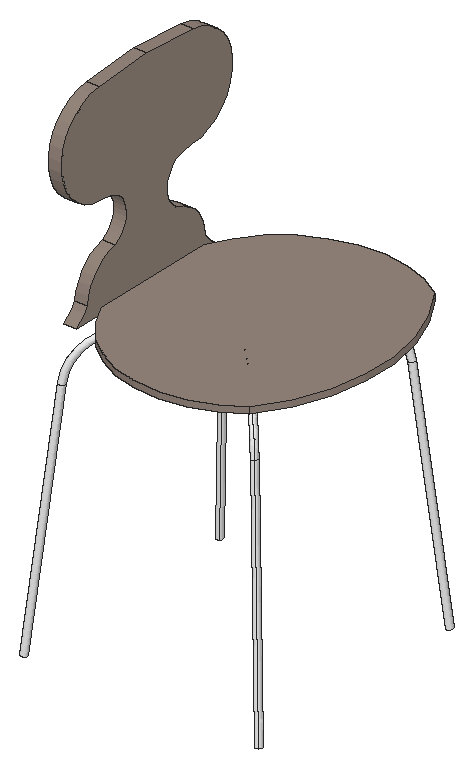
Revit family "Chair 3", category Furniture, Revit 2023
Family settings
  Work Plane-Based = No
  Enable Cutting in Views = No
  Always vertical = Yes
  Cut with Voids When Loaded = No
  Render Appearance Source = Family Geometry
  Shared = No
  Room Calculation Point = No
Parameters
  Type Comments = "L"
  Keynote = "F"
  Manufacturer = ""
  Default Elevation = 0 mm
  Bracket Material = Herman Miller - Finish 47 Trivalent Chrome
  Model = ""
  Cushion/Chair Back Material = Herman Miller - Veneer Z5 Maple
  BG_DIM_Width1 [instance] = 1800 mm
  BG_DIM_Height1 [instance] = 1200 mm
  BG_DIM_Depth1 [instance] = 600 mm
  Assembly Code = "Ase3"
Types (3, lengths in mm): name | Type Comments | Keynote | BG_DIM_Width1 | BG_DIM_Height1 | BG_DIM_Depth1 | Assembly Code
  (no name) | "L" | "F" | 1800 | 1200 | 600 | "Ase3"
  Type 3A | "L" | "F" | 1800 | 1200 | 600 | "Ase3"
  Type 3B | "K" | "E" | 1700 | 1100 | 500 | "Ase2"
Reference planes
  plane 1 "Center F/B": y = -198.997
  plane 2: z = 0
  plane 3 "Center L/R": x = -1.022
Forms (mm)
  Sweep 1, solid, material "Herman Miller - Finish 47 Trivalent Chrome" <- "Bracket Material"
    path origin (61.052, -65.204, 45) x (0, 0, -1) y (0.707107, -0.707107, 0)
      loop
        line (45, -82.843) -> (-332.364, -36.508)
        arc (-332.364, -36.508) -> (-382.531, -10.114) -> (-402.615, 42.895) r 80
        line (-402.615, 42.895) -> (-402.615, 181.322)
    profile origin (18.855, -23.007, 188.682) x (-0.701836, 0.701836, 0.121869) y (-0.707107, -0.707107, 0)
      loop
        circle (0, 0) r 5
  Sweep 2, solid, material "Herman Miller - Finish 47 Trivalent Chrome" <- "Bracket Material"
    path origin (57.516, -325.168, 45) x (0, 0, -1) y (0.707107, 0.707107, 0)
      loop
        line (45, -82.843) -> (-332.364, -36.508)
        arc (-332.364, -36.508) -> (-382.531, -10.114) -> (-402.615, 42.895) r 80
        line (-402.615, 42.895) -> (-402.615, 181.322)
    profile origin (15.319, -367.364, 188.682) x (-0.701836, -0.701836, 0.121869) y (0.707107, -0.707107, 0)
      loop
        circle (0, 0) r 5
  Sweep 3, solid, material "Herman Miller - Finish 47 Trivalent Chrome" <- "Bracket Material"
    path origin (303.338, -65.204, 45) x (0, 0, -1) y (0.707107, 0.707107, 0)
      loop
        line (45, 82.843) -> (-332.364, 36.508)
        arc (-332.364, 36.508) -> (-382.531, 10.114) -> (-402.615, -42.895) r 80
        line (-402.615, -42.895) -> (-402.615, -181.322)
    profile origin (345.535, -23.007, 188.682) x (0.701836, 0.701836, 0.121869) y (-0.707107, 0.707107, 0)
      loop
        circle (0, 0) r 5
  Sweep 4, solid, material "Herman Miller - Finish 47 Trivalent Chrome" <- "Bracket Material"
    path origin (306.873, -325.168, 45) x (0, 0, -1) y (0.707107, -0.707107, 0)
      loop
        line (45, 82.843) -> (-332.364, 36.508)
        arc (-332.364, 36.508) -> (-382.531, 10.114) -> (-402.615, -42.895) r 80
        line (-402.615, -42.895) -> (-402.615, -181.322)
    profile origin (349.07, -367.364, 188.682) x (0.701836, -0.701836, 0.121869) y (0.707107, 0.707107, 0)
      loop
        circle (0, 0) r 5
  Extrusion 5, solid, material "Herman Miller - Veneer Z5 Maple" <- "Cushion/Chair Back Material"
    sketch origin (0, 0, 0) x (1, 0, 0) y (0, 1, 0)
      loop
        arc (340, -9.099) -> (152.776, 17.913) -> (32.728, -128.274) r 192.616
        line (32.728, -128.274) -> (32.728, -249.923)
        arc (32.728, -249.923) -> (152.776, -396.11) -> (340, -369.099) r 192.616
        arc (340, -369.099) -> (400.673, -189.099) -> (340, -9.099) r 297.34
    from 450 to 460
  Extrusion 6, solid, material "Herman Miller - Veneer Z5 Maple" <- "Cushion/Chair Back Material"
    sketch origin (390, -409.099, -27.081) x (0, 0, -1) y (0, 1, 0)
      loop
        arc (-498.809, 95.839) -> (-486.21, 86.065) -> (-477.081, 72.99) r 53.087
        line (-477.081, 72.99) -> (-477.081, 347.212)
        arc (-477.081, 347.212) -> (-486.21, 334.138) -> (-498.809, 324.364) r 53.087
        arc (-498.809, 324.364) -> (-539.073, 308.301) -> (-561.143, 270.989) r 67.175
        arc (-561.143, 270.989) -> (-601.737, 249.17) -> (-634.197, 281.887) r 38.521
        line (-634.197, 281.887) -> (-636.604, 298.938)
        arc (-636.604, 298.938) -> (-714.694, 376.726) -> (-796.127, 302.444) r 79.872
        line (-796.127, 302.444) -> (-802.584, 210.101) -> (-796.127, 117.759)
        arc (-796.127, 117.759) -> (-714.694, 43.477) -> (-636.604, 121.265) r 79.872
        line (-636.604, 121.265) -> (-634.197, 138.316)
        arc (-634.197, 138.316) -> (-601.737, 171.033) -> (-561.143, 149.213) r 38.521
        arc (-561.143, 149.213) -> (-539.073, 111.901) -> (-498.809, 95.839) r 67.175
    from -367.272 to -347.272
Dimensions and locks
  aligned and locked: plane 1 "Center F/B" to Extrusion 6
